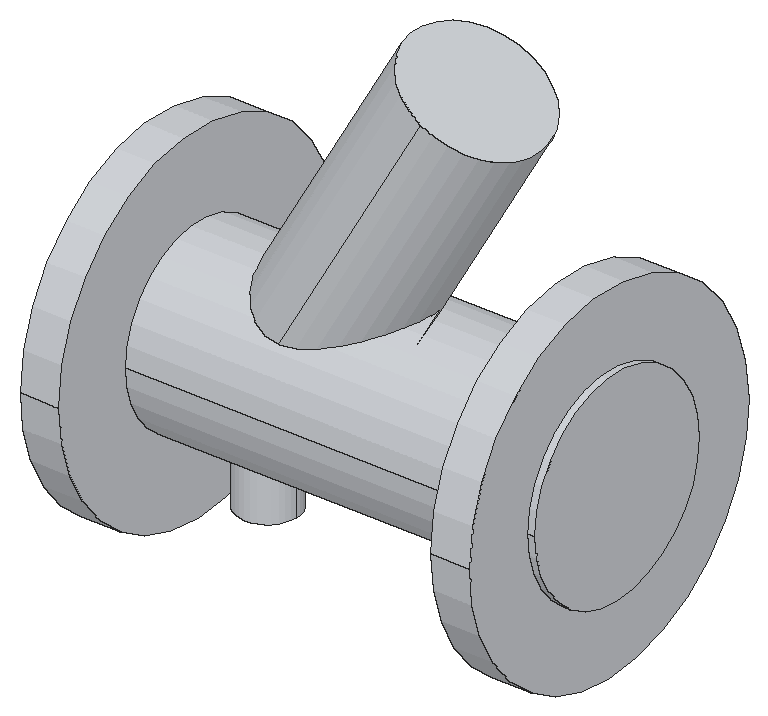
Revit family "HS 821-síto_standard-PN40-DN040-RFA_2019", category Pipe Accessories, Revit 2019
Family settings
  Round Connector Dimension = Use Diameter
  Part Type = Breaks Into
  Work Plane-Based = No
  Always vertical = Yes
  Cut with Voids When Loaded = No
  Shared = No
Parameters (values of type "821F-DN040-PN40-síto_standard")
  magiProductId = "b8903f952089408fbf3a5a632bab1f"
  magiProductFamilyId = "79214ac3aaa945e397802f559f5c1e"
  magiPartTypeId = 307
  isMeasuringValve [instance] = no
  ang2D [instance] = 0.00°
  ZB__ve = -ZB  # -24.5 mm
  ZB1 = 35.64 mm
  ZB = 24.5 mm
  X2 = 75.777 mm
  X1 = 28 mm
  W2D = 15 mm
  VersionID = "2.0/2017.9.26.1/ZETKAMA_821_001"
  Use Minimum Symbol Size [instance] = yes
  URL = "www.hydronic.cz"
  Type Comments = "Filtr přírubový; síto standardní; A-PN16 (-10~300°C); D-PN25 (-10~350°C); F-PN40 (-10~400°C)"
  S = 88 mm
  QmdConnectorList = "301;D;302;D"
  Productdata [instance] = ""
  Manufacturer = "Hydronic Systems Prague s.r.o."
  MC Product Code = "240 640 (821F; DN040; PN40; kvs37,7; oko síta 1,00mm)"
  LM1 = 16 mm
  LM = 160 mm
  L4 = 50 mm
  L2D_Min = 3048 mm
  L2D = 130 mm
  L2 = 100 mm
  HH2 = 131.25 mm
  FD = 150 mm
  Description = "Filtr přírubový; síto standardní; 821A-PN16; 821D-PN25; 821F-PN40"
  DM1 = 60 mm
  DM = 79.2 mm
  D = 40 mm
  CC = 3.4 mm
  CAT0 = yes
  C1 = 16.6 mm
  C = 20 mm
  BD = 24.948 mm
Types (40, lengths in mm): name | magiProductId | ZB__ve | ZB1 | ZB | X2 | X1 | S | MC Product Code | LM1 | LM | L4 | L2 | HH2 | FD | DM1 | DM | D | CC | C1 | C | BD
  821A-DN015-PN16-síto_standard | "a71bcfe8b393460598b23e8ddf7dc5" | -16.25 | 18.63 | 16.25 | 46.982 | 18.2 | 46 | "200 115 (821A; DN015; PN16; kvs6,3; oko síta 1,00mm)" | 10.4 | 104 | 32.5 | 65 | 81.375 | 95 | 27.6 | 41.4 | 15 | 2.21 | 10.79 | 13 | 13.041
  821A-DN020-PN16-síto_standard | "41cd6c7a12924f4991217528336076" | -17.75 | 22.68 | 17.75 | 51.673 | 21 | 56 | "200 120 (821A; DN020; PN16; kvs11,2; oko síta 1,00mm)" | 12 | 120 | 37.5 | 75 | 89.5 | 105 | 33.6 | 50.4 | 20 | 2.55 | 12.45 | 15 | 15.876
  821A-DN025-PN16-síto_standard | "be378b463ed14c3abf4c9b3ae8cf3a" | -19.25 | 26.325 | 19.25 | 58.601 | 22.4 | 65 | "200 125 (821A; DN025; PN16; kvs14,7; oko síta 1,00mm)" | 12.8 | 128 | 40 | 80 | 101.5 | 115 | 43.2 | 58.5 | 25 | 2.72 | 13.28 | 16 | 18.427
  821A-DN032-PN16-síto_standard | "227a0d18b21540afabe8b6067d35fa" | -23 | 30.78 | 23 | 68.849 | 25.2 | 76 | "200 132 (821A; DN032; PN16; kvs23,7; oko síta 1,00mm)" | 14.4 | 144 | 45 | 90 | 119.25 | 140 | 50.4 | 68.4 | 32 | 3.06 | 14.94 | 18 | 21.546
  821A-DN040-PN16-síto_standard | "d106917c74724141a10440112d0102" | -24.5 | 34.02 | 24.5 | 75.777 | 28 | 84 | "200 140 (821A; DN040; PN16; kvs37,7; oko síta 1,00mm)" | 16 | 160 | 50 | 100 | 131.25 | 150 | 60 | 75.6 | 40 | 3.4 | 16.6 | 20 | 23.814
  821A-DN050-PN16-síto_standard | "8255d456a09e4f6486734f5dd9171b" | -26.75 | 40.095 | 26.75 | 79.061 | 32.2 | 99 | "200 150 (821A; DN050 PN16; kvs57,9; oko síta 1,00mm)" | 18.4 | 184 | 57.5 | 115 | 136.938 | 165 | 73.8 | 89.1 | 50 | 3.91 | 19.09 | 23 | 28.066
  821A-DN065-PN16-síto_standard | "235b1b3e4c0843779a4d5e3716d40a" | -29.75 | 47.79 | 29.75 | 86.927 | 40.6 | 118 | "200 165 (821A; DN065; PN16; kvs101,5; oko síta 1,25mm)" | 23.2 | 232 | 72.5 | 145 | 150.562 | 185 | 94.2 | 106.2 | 65 | 4.93 | 24.07 | 29 | 33.453
  821A-DN080-PN16-síto_standard | "a067f7c5236348ed8c820d16df7214" | -32 | 53.46 | 32 | 104.753 | 43.4 | 132 | "200 180 (821A; DN080; PN16; kvs147,4; oko síta 1,25mm)" | 24.8 | 248 | 77.5 | 155 | 181.438 | 200 | 107.4 | 118.8 | 80 | 5.27 | 25.73 | 31 | 37.422
  821A-DN100-PN16-síto_standard | "c49a648c2747461285837d643703cd" | -35 | 63.18 | 35 | 114.857 | 49 | 156 | "200 190 (821A; DN100; PN16; kvs209,6; oko síta 1,60mm)" | 28 | 280 | 87.5 | 175 | 198.937 | 220 | 131.4 | 140.4 | 100 | 5.95 | 29.05 | 35 | 44.226
  821A-DN125-PN16-síto_standard | "bf68e728a163493cbd2a663b26ebdc" | -39.5 | 74.52 | 39.5 | 131.888 | 56 | 184 | "200 191 (821A; DN125; PN16; kvs326,2; oko síta 1,60mm)" | 32 | 320 | 100 | 200 | 228.438 | 250 | 165 | 165.6 | 125 | 6.8 | 33.2 | 40 | 52.164
  821A-DN150-PN16-síto_standard | "2de770284b654863ae6bc865769dc5" | -44.75 | 85.455 | 44.75 | 155.885 | 67.2 | 211 | "200 192 (821A; DN150; PN16; kvs403; oko síta 1,60mm)" | 38.4 | 384 | 120 | 240 | 270 | 285 | 192 | 189.9 | 150 | 8.16 | 39.84 | 48 | 59.818
  821A-DN200-PN16-síto_standard | "8e5693371ab64aabb29a7f08c76e15" | -53 | 107.73 | 53 | 188.361 | 84 | 266 | "200 193 (821A; DN200; PN16; kvs707; oko síta 1,60mm)" | 48 | 480 | 150 | 300 | 326.25 | 340 | 252 | 239.4 | 200 | 10.2 | 49.8 | 60 | 75.411
  821A-DN250-PN16-síto_standard | "05e37ed948c34047acdd4c42556504" | -62.75 | 129.195 | 62.75 | 255.911 | 102.2 | 319 | "200 194 (821A; DN250; PN16; kvs1234; oko síta 1,60mm)" | 58.4 | 584 | 182.5 | 365 | 443.25 | 405 | 309.6 | 287.1 | 250 | 12.41 | 60.59 | 73 | 90.436
  821A-DN300-PN16-síto_standard | "9ad0af747269428da925480d83ce80" | -71 | 149.85 | 71 | 325.914 | 119 | 370 | "200 195 (821A; DN300; PN16; kvs1916; oko síta 1,60mm)" | 68 | 680 | 212.5 | 425 | 564.5 | 460 | 369.6 | 333 | 300 | 14.45 | 70.55 | 85 | 104.895
  821A-DN350-PN16-síto_standard | "eebc71459bb3451bb4355e7951370a" | -80 | 173.745 | 80 | 356.875 | 137.2 | 429 | "200 196 (821A; DN350; PN16; kvs2621; oko síta 1,60mm)" | 78.4 | 784 | 245 | 490 | 618.125 | 520 | 438 | 386.1 | 350 | 16.66 | 81.34 | 98 | 121.621
  821A-DN400-PN16-síto_standard | "d2f677cb196647e385b2590e7d8abe" | -89 | 194.4 | 89 | 392.237 | 154 | 480 | "200 197 (821A; DN400; PN16; kvs3460; oko síta 1,60mm)" | 88 | 880 | 275 | 550 | 679.375 | 580 | 498 | 432 | 400 | 18.7 | 91.3 | 110 | 136.08
  821D-DN015-PN25-síto_standard | "27ddcbf555414f8ca1fde329bf9087" | -16.25 | 18.63 | 16.25 | 46.982 | 18.2 | 46 | "200 215 (821D; DN015; PN25; kvs6,3; oko síta 1,00mm)" | 10.4 | 104 | 32.5 | 65 | 81.375 | 95 | 27.6 | 41.4 | 15 | 2.21 | 10.79 | 13 | 13.041
  821D-DN020-PN25-síto_standard | "270e0f14012f47189cd0235c18faee" | -17.75 | 22.68 | 17.75 | 51.673 | 21 | 56 | "200 220 (821D; DN020; PN25; kvs11,2; oko síta 1,00mm)" | 12 | 120 | 37.5 | 75 | 89.5 | 105 | 33.6 | 50.4 | 20 | 2.55 | 12.45 | 15 | 15.876
  821D-DN025-PN25-síto_standard | "b9a7fb4aa36643878c637d8e1ab992" | -19.25 | 26.325 | 19.25 | 58.601 | 22.4 | 65 | "200 225 (821D; DN025; PN25; kvs14,7; oko síta 1,00mm)" | 12.8 | 128 | 40 | 80 | 101.5 | 115 | 43.2 | 58.5 | 25 | 2.72 | 13.28 | 16 | 18.427
  821D-DN032-PN25-síto_standard | "6be9a55c4e68400f94eec7e804204c" | -23 | 30.78 | 23 | 68.849 | 25.2 | 76 | "200 232 (821D; DN032; PN25; kvs23,7; oko síta 1,00mm)" | 14.4 | 144 | 45 | 90 | 119.25 | 140 | 50.4 | 68.4 | 32 | 3.06 | 14.94 | 18 | 21.546
  821D-DN040-PN25-síto_standard | "c54511bd7f584ec2984291479612cb" | -24.5 | 34.02 | 24.5 | 75.777 | 28 | 84 | "200 240 (821D; DN040; PN25; kvs37,7; oko síta 1,00mm)" | 16 | 160 | 50 | 100 | 131.25 | 150 | 60 | 75.6 | 40 | 3.4 | 16.6 | 20 | 23.814
  821D-DN050-PN25-síto_standard | "5483b1f596b04cd39b23a14a22c90e" | -26.75 | 40.095 | 26.75 | 79.061 | 32.2 | 99 | "200 250 (821D; DN050; PN25; kvs57,9; oko síta 1,00mm)" | 18.4 | 184 | 57.5 | 115 | 136.938 | 165 | 73.8 | 89.1 | 50 | 3.91 | 19.09 | 23 | 28.066
  821D-DN065-PN25-síto_standard | "767b0f8318e94750bc7a9930ed5b30" | -29.75 | 47.79 | 29.75 | 86.927 | 40.6 | 118 | "200 265 (821D; DN065; PN25; kvs101,5; oko síta 1,25mm)" | 23.2 | 232 | 72.5 | 145 | 150.562 | 185 | 94.2 | 106.2 | 65 | 4.93 | 24.07 | 29 | 33.453
  821D-DN080-PN25-síto_standard | "e21040fa3cc2404b858198f6b73709" | -32 | 53.46 | 32 | 104.753 | 43.4 | 132 | "200 280 (821D; DN080; PN25; kvs147,4; oko síta 1,25mm)" | 24.8 | 248 | 77.5 | 155 | 181.438 | 200 | 107.4 | 118.8 | 80 | 5.27 | 25.73 | 31 | 37.422
  821D-DN100-PN25-síto_standard | "175ca87a506b40b3bc6b82f12f33cf" | -37.25 | 63.18 | 37.25 | 114.857 | 49 | 156 | "200 290 (821D; DN100; PN25; kvs209,6; oko síta 1,60mm)" | 28 | 280 | 87.5 | 175 | 198.937 | 235 | 131.4 | 140.4 | 100 | 5.95 | 29.05 | 35 | 44.226
  821D-DN125-PN25-síto_standard | "77cc98d60da24855999a22dff726b2" | -42.5 | 74.52 | 42.5 | 131.888 | 56 | 184 | "200 291 (821D; DN125; PN25; kvs326,2; oko síta 1,60mm)" | 32 | 320 | 100 | 200 | 228.438 | 270 | 165 | 165.6 | 125 | 6.8 | 33.2 | 40 | 52.164
  821D-DN150-PN25-síto_standard | "9cf8acfcd15547d68e83172d3abcbe" | -47 | 85.455 | 47 | 155.885 | 67.2 | 211 | "200 292 (821D; DN150; PN25; kvs403; oko síta 1,60mm)" | 38.4 | 384 | 120 | 240 | 270 | 300 | 192 | 189.9 | 150 | 8.16 | 39.84 | 48 | 59.818
  821D-DN200-PN25-síto_standard | "16973f3c9ea14389ba8602495a6b64" | -56 | 110.97 | 56 | 188.361 | 84 | 274 | "200 293 (821D; DN200; PN25; kvs707; oko síta 1,60mm)" | 48 | 480 | 150 | 300 | 326.25 | 360 | 252 | 246.6 | 200 | 10.2 | 49.8 | 60 | 77.679
  821F-DN015-PN40-síto_standard | "4c7eaf3c4c0340888b3e684d8a8616" | -16.25 | 18.225 | 16.25 | 46.982 | 18.2 | 45 | "240 615 (821F; DN015; PN40; kvs6,3; oko síta 1,00mm)" | 10.4 | 104 | 32.5 | 65 | 81.375 | 95 | 27.6 | 40.5 | 15 | 2.21 | 10.79 | 13 | 12.757
  821F-DN020-PN40-síto_standard | "aaac5f1ec96b44d6ba96ac2293d66d" | -17.75 | 23.49 | 17.75 | 51.673 | 21 | 58 | "240 620 (821F; DN020; PN40; kvs11,2; oko síta 1,00mm)" | 12 | 120 | 37.5 | 75 | 89.5 | 105 | 33.6 | 52.2 | 20 | 2.55 | 12.45 | 15 | 16.443
  821F-DN025-PN40-síto_standard | "504768023968471481789485b54c7e" | -19.25 | 27.54 | 19.25 | 58.601 | 22.4 | 68 | "240 625 (821F; DN025; PN40; kvs14,7; oko síta 1,00mm)" | 12.8 | 128 | 40 | 80 | 101.5 | 115 | 43.2 | 61.2 | 25 | 2.72 | 13.28 | 16 | 19.278
  821F-DN032-PN40-síto_standard | "165e7f39cf744f329bdf1c400dad12" | -23 | 31.59 | 23 | 68.849 | 25.2 | 78 | "240 632 (821F; DN032; PN40; kvs23,7; oko síta 1,00mm)" | 14.4 | 144 | 45 | 90 | 119.25 | 140 | 50.4 | 70.2 | 32 | 3.06 | 14.94 | 18 | 22.113
  821F-DN040-PN40-síto_standard | "b8903f952089408fbf3a5a632bab1f" | -24.5 | 35.64 | 24.5 | 75.777 | 28 | 88 | "240 640 (821F; DN040; PN40; kvs37,7; oko síta 1,00mm)" | 16 | 160 | 50 | 100 | 131.25 | 150 | 60 | 79.2 | 40 | 3.4 | 16.6 | 20 | 24.948
  821F-DN050-PN40-síto_standard | "c451f97266fe48da8f879cb6a2bd44" | -26.75 | 41.31 | 26.75 | 79.061 | 32.2 | 102 | "240 650 (821F; DN050; PN40; kvs57,9; oko síta 1,00mm)" | 18.4 | 184 | 57.5 | 115 | 136.938 | 165 | 73.8 | 91.8 | 50 | 3.91 | 19.09 | 23 | 28.917
  821F-DN065-PN40-síto_standard | "dc9821e3f9b34e128f6a8c6b34c198" | -29.75 | 49.41 | 29.75 | 86.927 | 40.6 | 122 | "240 665 (821F; DN065; PN40; kvs101,5; oko síta 1,25mm)" | 23.2 | 232 | 72.5 | 145 | 150.562 | 185 | 94.2 | 109.8 | 65 | 4.93 | 24.07 | 29 | 34.587
  821F-DN080-PN40-síto_standard | "689aa1e260f84cf4994f027a1d86b5" | -32 | 55.89 | 32 | 104.753 | 43.4 | 138 | "240 680 (821F; DN080; PN40; kvs147,4; oko síta 1,25mm)" | 24.8 | 248 | 77.5 | 155 | 181.438 | 200 | 107.4 | 124.2 | 80 | 5.27 | 25.73 | 31 | 39.123
  821F-DN100-PN40-síto_standard | "8a45d4e8e2ab425f8c432f21d684f3" | -37.25 | 65.61 | 37.25 | 114.857 | 49 | 162 | "240 690 (821F; DN100; PN40; kvs209,6; oko síta 1,6mm)" | 28 | 280 | 87.5 | 175 | 198.937 | 235 | 131.4 | 145.8 | 100 | 5.95 | 29.05 | 35 | 45.927
  821F-DN125-PN40-síto_standard | "cf073904c006406b8645afa67ea2fc" | -42.5 | 76.14 | 42.5 | 131.888 | 56 | 188 | "240 691 (821F; DN125; PN40; kvs326,2; oko síta 1,6mm)" | 32 | 320 | 100 | 200 | 228.438 | 270 | 165 | 169.2 | 125 | 6.8 | 33.2 | 40 | 53.298
  821F-DN150-PN40-síto_standard | "0153b9ddabe14992a630484929fdbc" | -47 | 88.29 | 47 | 155.885 | 67.2 | 218 | "240 692 (821F; DN150; PN40; kvs403; oko síta 1,6mm)" | 38.4 | 384 | 120 | 240 | 270 | 300 | 192 | 196.2 | 150 | 8.16 | 39.84 | 48 | 61.803
  821F-DN200-PN40-síto_standard | "7fb3fc01dd8d42428c203e3f8dd4d5" | -56 | 115.425 | 56 | 188.361 | 84 | 285 | "240 693 (821F; DN200; PN40; kvs707; oko síta 1,6mm)" | 48 | 480 | 150 | 300 | 326.25 | 360 | 252 | 256.5 | 200 | 10.2 | 49.8 | 60 | 80.797
Reference planes
  plane 1 "Center (Front/Back)": y = 0
  plane 2 "XYPLANE": z = 0
  plane 3 "Center (Left/Right)": x = 0
  plane 4 "109": x = -64
  plane 5 "108": x = 80
  plane 6 "107": x = -80
  plane 7 "105": x = 100
  plane 8 "104": x = -100
  plane 9 "103": y = 0
  plane 10 "102": z = 0
  plane 11 "101": x = -96.6
  plane 12 "100": x = 96.6
  plane 13 "11": x = -36
  plane 14 "10": z = 131.25
  plane 15 "9": x = 39.777
  plane 16 "5": z = -35.64
  plane 17 "4": x = -50
  plane 18 "1": x = 50
Forms (mm)
  Extrusion 1, solid, visible <- "CAT0"
    sketch origin (-80, -750, 0) x (0, 1, 0) y (0, 0, 1)
      loop
        circle (750, 0) r 39.6
    from 0 to 160 <- "LM"
  Extrusion 2, solid
    sketch origin (-100, -750, 0) x (0, 1, 0) y (0, 0, 1)
      loop
        circle (750, 0) r 44
    from 0 to 3.4 <- "CC"
  Extrusion 3, solid
    sketch origin (-96.6, -750, 0) x (0, 1, 0) y (0, 0, 1)
      loop
        circle (750, 0) r 75
    from 0 to 16.6 <- "C1"
  Extrusion 4, solid
    sketch origin (80, -750, 0) x (0, 1, 0) y (0, 0, 1)
      loop
        circle (750, 0) r 75
    from 0 to 16.6 <- "C1"
  Extrusion 5, solid
    sketch origin (96.6, -750, 0) x (0, 1, 0) y (0, 0, 1)
      loop
        circle (750, 0) r 44
    from 0 to 3.4 <- "CC"
  Sweep 6, solid, visible <- "CAT0"
    path origin (750, 0, 0) x (-1, 0, 0) y (0, 0, 1)
      loop
        line (830, 0) -> (786, 0) -> (710.223, 131.25)
    profile origin (-80, 0, 0) x (0, 0, -1) y (0, 1, 0)
      loop
        circle (0, 0) r 30
  Extrusion 7, solid, visible <- "CAT0"
    sketch origin (-750, 0, -35.64) x (1, 0, 0) y (0, 1, 0)
      loop
        circle (700, 0) r 12.474
    from 0 to -24.5 <- "ZB__ve"
  Extrusion 8, solid, visible <- "CAT0"
    sketch origin (-750, 0, -35.64) x (1, 0, 0) y (0, 1, 0)
      loop
        circle (800, 0) r 12.474
    from 0 to -24.5 <- "ZB__ve"
  Extrusion 9, solid, not visible
    sketch origin (100, -750, 0) x (0, 1, 0) y (0, 0, 1)
      loop
        circle (750, 0) r 10
    from 0 to -10
  Extrusion 10, solid, not visible
    sketch origin (-100, -750, 0) x (0, 1, 0) y (0, 0, 1)
      loop
        circle (750, 0) r 10
    from 0 to 10
Lines and regions (mm)
  reference lines, not visible
    curve 1: circle (2, 2, 0) r 1 normal (0, 0, 1)
Dimensions and locks
  plane 1 "Center (Front/Back)" to curve 1 = 2 mm
  "LM1": plane 6 "107" to plane 4 "109"
  "LM": plane 6 "107" to plane 5 "108"
  "C": plane 8 "104" to plane 6 "107"
  "L2": plane 3 "Center (Left/Right)" to plane 7 "105"
  "L2": plane 3 "Center (Left/Right)" to plane 8 "104"
  locked: plane 1 "Center (Front/Back)" to plane 9 "103"
  locked: plane 2 "XYPLANE" to plane 10 "102"
  "CC": plane 8 "104" to plane 11 "101"
  "C1": plane 5 "108" to plane 12 "100"
  "X1": plane 4 "109" to plane 13 "11"
  "HH2": plane 2 "XYPLANE" to plane 14 "10"
  "X2": plane 13 "11" to plane 15 "9"
  "ZB1": plane 2 "XYPLANE" to plane 16 "5"
  "L4": plane 8 "104" to plane 17 "4"
  "L2": plane 17 "4" to plane 18 "1"
  Sweep 6 sketch curve to Sweep 6 sketch curve = 0 mm  (x2)
  "DM": diameter of Extrusion 1 sketch curve
  "S": diameter of Extrusion 2 sketch curve
  "FD": diameter of Extrusion 3 sketch curve
  "FD": diameter of Extrusion 4 sketch curve
  "S": diameter of Extrusion 5 sketch curve
  "DM1": diameter of Sweep 6 sketch curve
  "BD": diameter of Extrusion 7 sketch curve
  "BD": diameter of Extrusion 8 sketch curve
  aligned and locked: level to plane 2 "XYPLANE"
  aligned and locked: Extrusion 1 sketch curve to plane 9 "103"
  aligned and locked: plane 10 "102" to Extrusion 1 sketch curve
  aligned and locked: Extrusion 2 sketch curve to plane 9 "103"
  aligned and locked: plane 10 "102" to Extrusion 2 sketch curve
  aligned and locked: Extrusion 3 sketch curve to plane 9 "103"
  aligned and locked: plane 10 "102" to Extrusion 3 sketch curve
  aligned and locked: Extrusion 4 sketch curve to plane 9 "103"
  aligned and locked: plane 10 "102" to Extrusion 4 sketch curve
  aligned and locked: Extrusion 5 sketch curve to plane 9 "103"
  aligned and locked: plane 10 "102" to Extrusion 5 sketch curve
  aligned and locked: Sweep 6 sketch curve to plane 9 "103"
  aligned and locked: plane 10 "102" to Sweep 6 sketch curve  (x3)
  aligned and locked: plane 6 "107" to Sweep 6 sketch curve
  aligned and locked: plane 13 "11" to Sweep 6 sketch curve
  aligned and locked: plane 14 "10" to Sweep 6 sketch curve
  aligned and locked: plane 15 "9" to Sweep 6 sketch curve
  aligned and locked: plane 9 "103" to Extrusion 7 sketch curve
  aligned and locked: plane 17 "4" to Extrusion 7 sketch curve
  aligned and locked: plane 9 "103" to Extrusion 8 sketch curve
  aligned and locked: plane 18 "1" to Extrusion 8 sketch curve
  aligned and locked: Extrusion 9 sketch curve to plane 9 "103"
  aligned and locked: plane 10 "102" to Extrusion 9 sketch curve
  aligned and locked: Extrusion 10 sketch curve to plane 9 "103"
  aligned and locked: plane 10 "102" to Extrusion 10 sketch curve
Automatic sketch dimensions
  plane 1 "Center (Front/Back)" to Extrusion 9 sketch curve = 10 mm
  plane 1 "Center (Front/Back)" to Extrusion 10 sketch curve = 10 mm
  plane 3 "Center (Left/Right)" to curve 1 = 2 mm
  radius of curve 1 = 1 mm
Connectors
  piping at (-100, 0, 0), diameter 40, driven by "D"
    settings: on Extrusion 10, index 1, connector inside diameter 609.6 mm, connector length 0 mm, flow factor 0, pipe flow 0.0 L/s, pressure drop 0.0 Pa, fitting loss kfactor 0, connector angle 0.00°, fixture units 0, engagement length 0 mm, angle of deflection 0.00°, flow configuration 0, flow direction 0, fitting loss method 0, system type 29, joint type 0, gender type 0, connector reference index 2, connector utility 0, adjustable connector no, is connector primary yes, connector description ""
  piping at (100, 0, 0), diameter 40, driven by "D"
    settings: on Extrusion 9, index 2, connector inside diameter 609.6 mm, connector length 0 mm, flow factor 0, pipe flow 0.0 L/s, pressure drop 0.0 Pa, fitting loss kfactor 0, connector angle 0.00°, fixture units 0, engagement length 0 mm, angle of deflection 0.00°, flow configuration 0, flow direction 0, fitting loss method 0, system type 29, joint type 0, gender type 0, connector reference index 1, connector utility 0, adjustable connector no, is connector primary no, connector description ""
